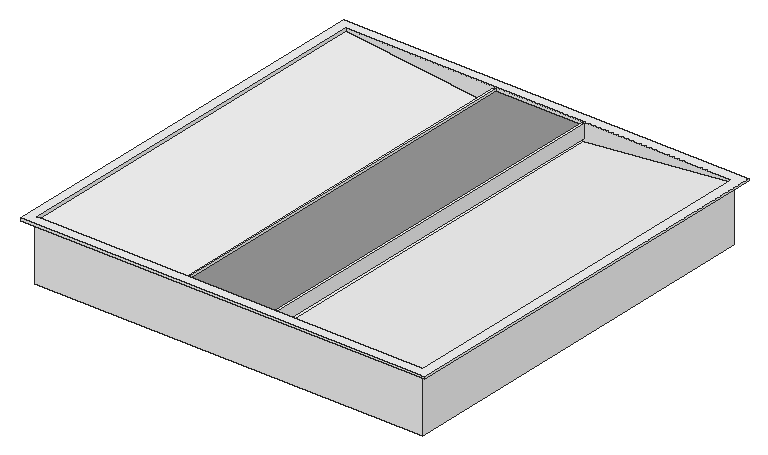
Revit family "2069255 Sylvania Lighting Fixture OFFICELYTE 600 HO 4K", category Lighting Fixtures, host Face, Revit 2017
Family settings
  Host = Face
  Round Connector Dimension = Use Diameter
  Part Type = Normal
  OmniClass Number = 23.80.70.11.17
  OmniClass Title = Specialized Lighting by Location or Use
  Cut with Voids When Loaded = No
  Light Source = Yes
  Shared = No
  Room Calculation Point = No
Parameters (values of type "2069255 OFFICELYTE 600 HO 4K")
  Width_SYL = 595.0 mm
  Weight = "6.0 kg"
  Wattage = 32 W
  WarrantyStartDate [instance] = "n/a"
  WarrantyGuarantorParts = "n/a"
  WarrantyDurationUnit = "n/a"
  WarrantyDurationParts = "n/a"
  WarrantyDescription = "n/a"
  built-in parameter 1150110 = 1 (stored number, unit not read)
  Voltage = 230 V
  URL = "http://www.sylvania-lighting.com"
  TypeName = "OFFICELYTE 600 HO 4K"
  built-in parameter 1114217 = 1 (stored number, unit not read)
  Tilt Angle = -90.00°
  built-in parameter 1150109 = 1 (stored number, unit not read)
  built-in parameter 1150134 = 12
  built-in parameter 1150113 = 1 (stored number, unit not read)
  SerialNumber [instance] = "n/a"
  PowerFactor = 0.95
  PowerConsumption = "32 W"
  Photometric Web File = "2069255.ies"
  NominalWidth = 0.0 mm
  NominalLength = 595.0 mm
  NominalHeight = 87.0 mm
  Name = "OFFICELYTE 600 HO 4K"
  ModelReference = "OFFICELYTE 600 HO 4K"
  ModelNumber = "2069255"
  Material = "zintec housing, acrylic diffuser"
  ManufacturerName = "Feilo Sylvania"
  LuminousEfficacy = "143 lm/W"
  LuminaireType = ""
  LightOutputRatio = "100"
  Length_SYL = Width_SYL  # 595.0 mm
  LampsType = Lamp  # "LED"
  LampNominalLuminous = "4570 lm"
  LampMacAdamStep = "n/a"
  LampColourTemperature = "4000 K"
  LampColourRenderingIndex = "80"
  Keynote = "16500"
  InstallationDate [instance] = "n/a"
  InputVoltage = "230-240V~"
  InputNominalFrequency = "50/60 Hz"
  IngressProtection = "IP20"
  ImpactProtectionIndex = "IK02"
  IfcExportType = "IfcLightFixtureType"
  IfcExportAs = "IfcLightFixtureType"
  Height_SYL = 84.0 mm
  ExpectedLife = 50000
  ElectricShockClassification = "Class I"
  DurationUnit = "hours"
  DocumentationLiterature = "http://www.sylvania-lighting.com/product/en-int/products/2069255"
  DimmingControlOptions = "Non dimmable"
  Material_2_SYL = Acrylic_Sylvania_Officelyte LP LED_Satin_4000K
  CreatedOn = "8/23/2018"
  CreatedBy = ""
  built-in parameter 1114216 [instance] = 1 (stored number, unit not read)
  Model = "OFFICELYTE 600 HO 4K"
  Manufacturer = "Havells-Sylvania Group"  # constant formula
  built-in parameter 1150105 = 364.15 (stored number, unit not read)
  Lumens = 4576 lm
  built-in parameter 1150115 = 1 (stored number, unit not read)
  built-in parameter 1150137 = (empty or 0)
  built-in parameter 1150139 = (empty or 0)
  built-in parameter 1150112 = 1 (stored number, unit not read)
  built-in parameter 1150114 = 1 (stored number, unit not read)
  Lamp = "LED"
  built-in parameter 1150132 = 2
  built-in parameter 1150102 = (empty or 0)
  built-in parameter 1150107 = 4000 (stored number, unit not read)
  built-in parameter 1150138 = (empty or 0)
  built-in parameter 1150106 = 3.6415 (stored number, unit not read)
  Material_3_SYL = Steel_Sylvania_Officelyte LP LED_White_RAL 9016
  Emit from Rectangle Width = Width_SYL - 31.0 mm  # 564.0 mm
  Emit from Rectangle Length = Length_SYL - 31.0 mm  # 564.0 mm
  Emit Shape Visible in Rendering = no
  built-in parameter 1150104 = 13.285 (stored number, unit not read)
  Dimming Lamp Color Temperature Shift = <None>
  Material_1_SYL = Steel_Sylvania_Officelyte LP LED_White_RAL 9016
  Description = "The Concord OFFICELYTE LP LED HO 4K 600 is a high efficient luminaire for Office, education, meeting rooms. With efficacy of 95lm/W, at 4549lm, CRI of 85 and a very low glare ratio according to EN12464."  # constant formula
  Default Elevation = 0.0 mm
  Color Filter = 16777215
  built-in parameter 1140040 [instance] = 1
  BarCode [instance] = "n/a"
  built-in parameter 1114218 = 1 (stored number, unit not read)
  built-in parameter 1150133 = 10 (stored number, unit not read)
  AssetType = "Fixed"
  AssetIdentifier [instance] = "n/a"
  Assembly Code = "D5020200"
  Apparent Load = 32 VA
Reference planes
  plane 1 "Center (Front/Back)": y = 0
  plane 2: z = 0
  plane 3 "Center (Left/Right)": x = 0
  plane 4 "Fixture Bottom": z = 3
  plane 5 "Fixture Right": x = 297.5
  plane 6 "Profile Right": x = 284
  plane 7 "Profile Left": x = -284
  plane 8 "Fixture Left": x = -297.5
  plane 9 "Profile Back": y = 284
  plane 10 "Fixture Back": y = 297.5
  plane 11 "Fixture Front": y = -297.5
  plane 12: z = -25
  plane 13 "Box Right": x = 286
  plane 14 "Box Left": x = -286
  plane 15 "Box Back": y = 286
  plane 16 "Box Front": y = -286
  plane 17: x = 66.5
  plane 18: x = -66.5
  plane 19 "Difuser Right": x = 63.5
  plane 20 "Difuser Left": x = -63.5
  plane 21: z = -2
  plane 22: z = -4
  plane 23 "Profile Front": y = -284
  plane 24 "Fixture Top": z = -84
  plane 25 "Box Thickness": z = -82
  plane 26: z = -20
Forms (mm)
  Extrusion 1, void
    sketch origin (0, 0, 59) x (-1, 0, 0) y (0, -1, 0)
      loop
        line (-286, -286) -> (286, -286) -> (286, 286) -> (-286, 286) -> (-286, -286)
    from -141 to -56
  Extrusion 2, solid, material "Steel_Sylvania_Officelyte LP LED_White_RAL 9016" <- "Material_3_SYL", detail levels fine
    sketch origin (20, 0, 59) x (-1, 0, 0) y (0, -1, 0)
      loop
        line (-277.5, -297.5) -> (317.5, -297.5) -> (317.5, 297.5) -> (-277.5, 297.5) -> (-277.5, -297.5)
      loop
        line (304, -284) -> (304, 284) -> (-264, 284) -> (-264, -284) -> (304, -284)
    from -59 to -56
  Extrusion 3, solid, material "Steel_Sylvania_Officelyte LP LED_White_RAL 9016" <- "Material_3_SYL", detail levels fine
    sketch origin (0, 0, 0) x (1, 0, 0) y (0, 0, 1)
      loop
        arc (-65.868, -23.244) -> (-175.523, -17.552) -> (-284, -0.537) r 1059.086
        line (-284, -0.537) -> (-284, -2.581)
        arc (-284, -2.581) -> (-175.521, -19.563) -> (-65.868, -25.244) r 1061.086
        line (-65.868, -25.244) -> (65.87, -25.244)
        arc (65.87, -25.244) -> (175.522, -19.563) -> (284, -2.581) r 1061.094
        line (284, -2.581) -> (284, -0.538)
        arc (284, -0.538) -> (175.524, -17.552) -> (65.87, -23.244) r 1059.094
        line (65.87, -23.244) -> (-65.868, -23.244)
    from -284 to 284
  Extrusion 4, solid, material "Steel_Sylvania_Officelyte LP LED_White_RAL 9016" <- "Material_3_SYL", detail levels fine
    sketch origin (0, 0, 59) x (-1, 0, 0) y (0, -1, 0)
      loop
        line (284, -284) -> (284, 284) -> (-284, 284) -> (-284, -284) -> (284, -284)
      loop
        line (286, -286) -> (286, 286) -> (-286, 286) -> (-286, -286) -> (286, -286)
    from -141 to -59
  Extrusion 5, solid, material "Steel_Sylvania_Officelyte LP LED_White_RAL 9016" <- "Material_3_SYL", detail levels fine
    sketch origin (0, 0, 59) x (-1, 0, 0) y (0, -1, 0)
      loop
        line (66.5, -284) -> (66.5, 284) -> (63.5, 284) -> (63.5, -284) -> (66.5, -284)
      loop
        line (-66.5, 284) -> (-66.5, -284) -> (-63.5, -284) -> (-63.5, 284) -> (-66.5, 284)
    from -79 to -59
  Extrusion 6, solid, material "Acrylic_Sylvania_Officelyte LP LED_Satin_4000K" <- "Material_2_SYL", detail levels fine
    sketch origin (0, 0, -581) x (-1, 0, 0) y (0, -1, 0)
      loop
        line (-63.5, -284) -> (63.5, -284) -> (63.5, 284) -> (-63.5, 284) -> (-63.5, -284)
    from 577 to 579
  Extrusion 7, solid, material "Steel_Sylvania_Officelyte LP LED_White_RAL 9016" <- "Material_1_SYL", detail levels coarse+medium
    sketch origin (0, 0, 59) x (-1, 0, 0) y (0, -1, 0)
      loop
        line (297.5, -297.5) -> (297.5, 297.5) -> (-297.5, 297.5) -> (-297.5, -297.5) -> (297.5, -297.5)
    from -59 to -56
  Extrusion 8, solid, material "Steel_Sylvania_Officelyte LP LED_White_RAL 9016" <- "Material_1_SYL", detail levels coarse+medium
    sketch origin (0, 0, -501) x (-1, 0, 0) y (0, -1, 0)
      loop
        line (286, -286) -> (286, 286) -> (-286, 286) -> (-286, -286) -> (286, -286)
    from 417 to 501
  Extrusion 9, solid, material "Steel_Sylvania_Officelyte LP LED_White_RAL 9016" <- "Material_3_SYL", detail levels fine
    sketch origin (0, 0, 59) x (-1, 0, 0) y (0, -1, 0)
      loop
        line (-286, -286) -> (286, -286) -> (286, 286) -> (-286, 286) -> (-286, -286)
    from -143 to -141
Cuts and joins
  joined: Extrusion 2, Extrusion 4, Extrusion 9
  joined: Extrusion 3, Extrusion 5
Lines and regions (mm)
  symbolic lines
    curve 1: line (-297.5, 297.5, 59) -> (297.5, 297.5, 59)
    curve 2: line (-297.5, -297.5, 59) -> (-297.5, 297.5, 59)
    curve 3: line (297.5, -297.5, 59) -> (-297.5, -297.5, 59)
    curve 4: line (297.5, 297.5, 59) -> (297.5, -297.5, 59)
Dimensions and locks
  "Height_SYL": host face to plane 24 "Fixture Top"
  locked: plane 25 "Box Thickness" to plane 24 "Fixture Top" at 2
  "Width_SYL": plane 10 "Fixture Back" to plane 11 "Fixture Front"
  "Length_SYL": plane 8 "Fixture Left" to plane 5 "Fixture Right"
  equal spacing: plane 10 "Fixture Back", plane 1 "Center (Front/Back)", plane 11 "Fixture Front"
  equal spacing: plane 8 "Fixture Left", plane 3 "Center (Left/Right)", plane 5 "Fixture Right"
  locked: plane 18 to plane 20 "Difuser Left" at 3
  locked: plane 19 "Difuser Right" to plane 17 at 3
  plane 8 "Fixture Left" to plane 14 "Box Left" to plane 7 "Profile Left" = 11.5 mm locked, 2.0 mm locked
  plane 10 "Fixture Back" to plane 15 "Box Back" to plane 9 "Profile Back" = 11.5 mm locked, 2.0 mm locked
  plane 6 "Profile Right" to plane 13 "Box Right" to plane 5 "Fixture Right" = 2.0 mm locked, 11.5 mm locked
  plane 23 "Profile Front" to plane 16 "Box Front" to plane 11 "Fixture Front" = 2.0 mm locked, 11.5 mm locked
  plane 4 "Fixture Bottom" to plane 2 to plane 21 to plane 22 to plane 12 = 3.0 mm locked, 2.0 mm locked, 2.0 mm locked, 21.0 mm locked
  aligned and locked: plane 2 to host face
  aligned and locked: level to host face
  aligned and locked: plane 1 "Center (Front/Back)" to imposter light
  aligned and locked: plane 10 "Fixture Back" to Extrusion 2
  aligned and locked: plane 8 "Fixture Left" to Extrusion 2
  aligned and locked: Extrusion 2 to plane 7 "Profile Left"
  aligned and locked: Extrusion 2 to plane 5 "Fixture Right"
  aligned and locked: plane 6 "Profile Right" to Extrusion 2
  aligned and locked: Extrusion 2 to plane 11 "Fixture Front"
  aligned and locked: plane 4 "Fixture Bottom" to Extrusion 2
  aligned and locked: plane 18 to Extrusion 5 sketch curve
  aligned and locked: Extrusion 5 sketch curve to plane 17
  aligned and locked: plane 19 "Difuser Right" to Extrusion 5 sketch curve
  aligned and locked: Extrusion 5 sketch curve to plane 20 "Difuser Left"
  aligned and locked: plane 19 "Difuser Right" to Extrusion 6 sketch curve
  aligned and locked: Extrusion 6 sketch curve to plane 20 "Difuser Left"
  aligned and locked: plane 21 to Extrusion 6
  aligned and locked: Extrusion 6 to plane 22
  aligned and locked: Extrusion 7 sketch curve to plane 10 "Fixture Back"
  aligned and locked: plane 5 "Fixture Right" to Extrusion 7 sketch curve
  aligned and locked: plane 11 "Fixture Front" to Extrusion 7 sketch curve
  aligned and locked: Extrusion 7 sketch curve to plane 8 "Fixture Left"
  aligned and locked: plane 4 "Fixture Bottom" to Extrusion 7
  aligned and locked: Extrusion 8 to plane 24 "Fixture Top"
  aligned and locked: level to Extrusion 8
  aligned and locked: plane 5 "Fixture Right" to curve 4
  aligned and locked: curve 1 to plane 10 "Fixture Back"
  aligned and locked: curve 2 to plane 8 "Fixture Left"
  aligned and locked: plane 11 "Fixture Front" to curve 3
  aligned and locked: plane 9 "Profile Back" to Extrusion 4
  aligned and locked: Extrusion 4 sketch curve to plane 9 "Profile Back"
  aligned and locked: Extrusion 4 to Extrusion 1
  aligned and locked: imposter light to Extrusion 1
  aligned and locked: Extrusion 9 to plane 24 "Fixture Top"
  aligned and locked: plane 25 "Box Thickness" to Extrusion 9
  aligned and locked: cut or joined group of Extrusion 2, Extrusion 4, Extrusion 9 to plane 25 "Box Thickness"
  aligned and locked: Extrusion 4 sketch curve to plane 13 "Box Right"
  aligned and locked: plane 15 "Box Back" to Extrusion 4 sketch curve
  aligned and locked: Extrusion 4 sketch curve to plane 14 "Box Left"
  aligned and locked: plane 16 "Box Front" to Extrusion 4 sketch curve
  aligned and locked: Extrusion 9 sketch curve to plane 16 "Box Front"
  aligned and locked: plane 13 "Box Right" to Extrusion 9 sketch curve
  aligned and locked: Extrusion 9 sketch curve to plane 15 "Box Back"
  aligned and locked: Extrusion 9 sketch curve to plane 14 "Box Left"
  aligned and locked: plane 7 "Profile Left" to cut or joined group of Extrusion 3, Extrusion 5
  aligned and locked: cut or joined group of Extrusion 3, Extrusion 5 to plane 6 "Profile Right"
  aligned and locked: plane 9 "Profile Back" to cut or joined group of Extrusion 3, Extrusion 5
  aligned and locked: cut or joined group of Extrusion 3, Extrusion 5 to plane 23 "Profile Front"
  aligned and locked: plane 23 "Profile Front" to Extrusion 5 sketch curve
  aligned and locked: Extrusion 5 sketch curve to plane 9 "Profile Back"
  aligned and locked: Extrusion 8 sketch curve to plane 13 "Box Right"
  aligned and locked: plane 15 "Box Back" to Extrusion 8 sketch curve
  aligned and locked: plane 16 "Box Front" to Extrusion 8 sketch curve
  aligned and locked: plane 14 "Box Left" to Extrusion 8 sketch curve
  aligned and locked: Extrusion 1 sketch curve to Extrusion 8  (x4)
  aligned and locked: Extrusion 6 sketch curve to plane 23 "Profile Front"
  aligned and locked: plane 9 "Profile Back" to Extrusion 6 sketch curve
  aligned and locked: cut or joined group of Extrusion 3, Extrusion 5 to plane 26
  aligned and locked: plane 4 "Fixture Bottom" to imposter light
Automatic sketch dimensions
  host sketch curve to host sketch curve = 1305.563 mm
  host sketch curve to host sketch curve = 1414.187 mm
  Extrusion 2 sketch curve to plane 5 "Fixture Right" = 0.0 mm
  Extrusion 2 sketch curve to plane 6 "Profile Right" = 0.0 mm
  Extrusion 2 sketch curve to plane 7 "Profile Left" = 0.0 mm
  Extrusion 2 sketch curve to plane 8 "Fixture Left" = 0.0 mm
  Extrusion 2 sketch curve to plane 10 "Fixture Back" = 0.0 mm
  plane 9 "Profile Back" to Extrusion 2 sketch curve = 0.0 mm
  Extrusion 2 sketch curve to plane 23 "Profile Front" = 0.0 mm
  Extrusion 2 sketch curve to plane 11 "Fixture Front" = 0.0 mm
  Extrusion 3 sketch curve to Extrusion 3 sketch curve = 0.0 mm  (x2)
  Extrusion 3 sketch curve to Extrusion 3 sketch curve = 0.001 mm  (x2)
  Extrusion 3 sketch curve to level = 0.537 mm
  plane 14 "Box Left" to Extrusion 3 sketch curve = 2.0 mm
  Extrusion 3 sketch curve to plane 12 = 0.244 mm
  plane 18 to Extrusion 3 sketch curve = 0.632 mm
  Extrusion 3 sketch curve to plane 17 = 0.63 mm
  Extrusion 3 sketch curve to level = 0.538 mm
  Extrusion 3 sketch curve to plane 13 "Box Right" = 2.0 mm
  Extrusion 3 sketch curve to level = 23.244 mm
  Extrusion 4 sketch curve to plane 6 "Profile Right" = 0.0 mm
  Extrusion 4 sketch curve to plane 7 "Profile Left" = 0.0 mm
  Extrusion 4 sketch curve to plane 23 "Profile Front" = 0.0 mm
  Extrusion 5 sketch curve to plane 9 "Profile Back" = 0.0 mm
  Extrusion 5 sketch curve to plane 23 "Profile Front" = 0.0 mm
Connectors
  electrical at (0, 0, -84), driven by "Apparent Load"
    settings: on Extrusion 8, index 1, voltage 230 V, apparent load 0 VA, apparent load phase1 32 VA, apparent load phase2 0 VA, apparent load phase3 0 VA, power factor 1, load classification "Lighting", number of poles 1, system type 31, power factor state 1, is connector primary yes, connector utility no, sub classification motor no, connector description ""
